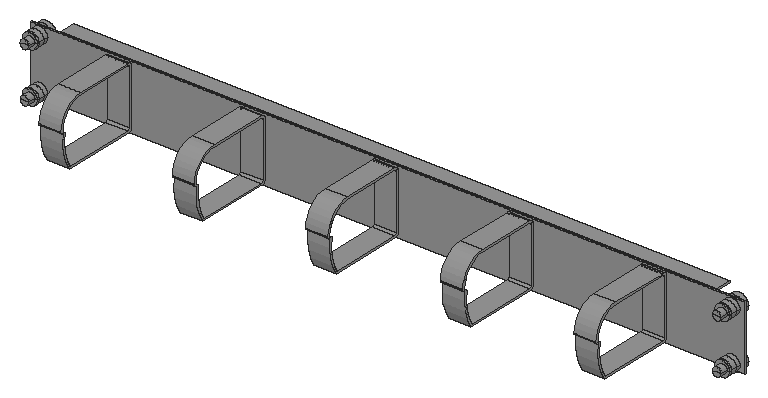
Revit family "ITK by ZPAS__Органайзер кабельный металлический 19", category Обобщенные модели, Revit 2019
Family settings
  Может служить основой для арматурных стержней = Нет
  Размер круглого соединителя = Использовать диаметр
  Тип детали = Нормальный
  На основе рабочей плоскости = Нет
  Всегда вертикально = Да
  При загрузке вырезать с полостями = Нет
  Общий = Нет
  Точка расчета площади = Нет
Parameters (values of type "ZP-CO05-1U-M-R")
  Ширина = 482 mm
  Степень защиты = ""
  Материал = Окраска - RAL 9005
  Изготовитель = "ITK"  # constant formula
  Дата изменения = ""
  Глубина = 60 mm
  Высота = 44 mm
  Тип монтажа = ""
  URL = "https://www.iek.ru/"
  KSI_CPr_Строительные изделия = "61.1.04.08"  # constant formula
  KSI_CMa_Строительные материалы = "10.03.02.06"  # constant formula
  IEK_Цена за единицу = 695.64
  IEK_Поиск в таблице имен = ""
  IEK_Описание = "Органайзер имеет четыре прямоугольных выреза для подвода кабелей, защищенных щеточными вводами.\r\nДва крайних кольца могут устанавливаться горизонтально.\r\nМонтажная высота: 1U."
  IEK_URL = "https://www.itk-group.ru/produktsiya/catalog/oborudovanie_telekommunikatsionnoe/kompleksnye_resheniya_dlya_tsod/shkafy_i_aksessuary_dlya_tsod/komplektuyushchie_i_aksessuary_dlya_shkafov_itk_by_zpas/kabelnye_organizatory_itk_by_zpas/itk_by_zpas_organayzer_kabelnyy_metallicheskiy_s_koltsami_19_1u_chernyy"
  ADSK_Примечание = ""
  ADSK_Позиция [instance] = ""
  ADSK_Наименование = "ITK by ZPAS Органайзер мет. с кольцами 19\" 1U черн."
  ADSK_Материал обозначение = ""
  ADSK_Материал наименование = "Листовая сталь"  # constant formula
  ADSK_Масса = 0.38
  ADSK_Марка = "by ZPAS"  # constant formula
  ADSK_Код изделия = "ZP-CO05-1U-M-R"
  ADSK_Завод-изготовитель = "IEK"  # constant formula
  ADSK_Единица измерения = "шт"  # constant formula
  ADSK_Группирование = "I. ЩИТЫ И ПУЛЬТЫ"  # constant formula
  ADSK_Версия семейства = "1.0"  # constant formula
  ADSK_Версия Revit = "2019"  # constant formula
  ADSK_URL страницы изделия = "https://www.itk-group.ru/produktsiya/catalog/oborudovanie_telekommunikatsionnoe/kompleksnye_resheniya_dlya_tsod/shkafy_i_aksessuary_dlya_tsod/komplektuyushchie_i_aksessuary_dlya_shkafov_itk_by_zpas/kabelnye_organizatory_itk_by_zpas/?pagec=50"
Reference planes
  plane 1 "По центру (Вперед/Назад)": y = 0
  plane 2: z = 0
  plane 3 "По центру (Влево/Вправо)": x = 0
  plane 4: x = -241
  plane 5: x = 241
  plane 6: z = 44
  plane 7: y = -60
Forms (mm)
  Extrusion 1, solid, material "Окраска - RAL 9005" <- "Материал", detail levels fine
    sketch origin (0, 0, 0) x (1, 0, 0) y (0, 1, 0)
      loop
        line (-241, 0) -> (-241, -1) -> (241, -1) -> (241, 0) -> (-241, 0)
    from 0 to 44
  Extrusion 2, void
    sketch origin (-2000, -1, 1200) x (-1, 0, 0) y (0, 0, -1)
      loop
        circle (-1766.475, 1161) r 2.967
      loop
        circle (-1766.475, 1195) r 2.967
      loop
        circle (-2233.525, 1161) r 2.967
      loop
        circle (-2233.525, 1195) r 2.967
    from -1 to 0
  Extrusion 3, solid, material "Окраска - RAL 9005" <- "Материал", detail levels fine
    sketch origin (-188, 2000, 1200) x (0, 1, 0) y (0, 0, 1)
      loop
        line (-1989, -1156) -> (-2000, -1156) -> (-2000, -1157) -> (-1989, -1157) -> (-1989, -1156)
      loop
        line (-1989, -1200) -> (-1989, -1199) -> (-2000, -1199) -> (-2000, -1200) -> (-1989, -1200)
    from -33 to 409
  Extrusion 4, solid, material "Окраска - RAL 9005" <- "Материал", detail levels fine
    sketch origin (-241, 2000, 1200) x (0, 1, 0) y (0, 0, 1)
      loop
        arc (-2003.401, -1198.499) -> (-2001.706, -1197.797) -> (-2001.004, -1196.101) r 2.398
        line (-2001.004, -1196.101) -> (-2001.004, -1159.008)
        arc (-2001.004, -1159.008) -> (-2001.705, -1157.316) -> (-2003.396, -1156.616) r 2.392
        line (-2003.396, -1156.616) -> (-2043.195, -1156.616)
        arc (-2043.195, -1156.616) -> (-2055.089, -1161.542) -> (-2060.016, -1173.437) r 16.821
        arc (-2060.016, -1173.437) -> (-2059.539, -1174.021) -> (-2058.989, -1173.506) r 0.516
        arc (-2058.989, -1173.506) -> (-2054.327, -1162.252) -> (-2043.073, -1157.59) r 15.916
        line (-2043.073, -1157.59) -> (-2003.402, -1157.59)
        arc (-2003.402, -1157.59) -> (-2002.409, -1158.002) -> (-2001.998, -1158.995) r 1.405
        line (-2001.998, -1158.995) -> (-2001.998, -1196.1)
        arc (-2001.998, -1196.1) -> (-2002.408, -1197.09) -> (-2003.398, -1197.501) r 1.401
        line (-2003.398, -1197.501) -> (-2052.535, -1197.501)
        arc (-2052.535, -1197.501) -> (-2056.836, -1186.69) -> (-2057.072, -1175.057) r 32.643
        arc (-2057.072, -1175.057) -> (-2057.616, -1174.514) -> (-2058.159, -1175.057) r 0.544
        arc (-2058.159, -1175.057) -> (-2057.8, -1187.272) -> (-2052.975, -1198.499) r 32.643
        line (-2052.975, -1198.499) -> (-2003.401, -1198.499)
    from 53 to 68
  Revolve 5, solid, material "Окраска - RAL 9005", detail levels fine
    sketch origin (0, 29.553, 5) x (0, 1, 0) y (-1, 0, 0)
      loop
        line (-44.803, 236.411) -> (-44.803, 233.525) -> (-26.053, 233.525) -> (-26.053, 239.661) -> (-29.553, 239.661) -> (-29.553, 236.411) -> (-32.003, 236.411) -> (-32.003, 238.643)
        arc (-32.003, 238.643) -> (-33.603, 238.55) -> (-35.203, 238.622) r 15.465
        line (-35.203, 238.622) -> (-39.203, 238.622)
        arc (-39.203, 238.622) -> (-39.704, 238.622) -> (-40.203, 238.583) r 6.422
        line (-40.203, 238.583) -> (-40.203, 236.411) -> (-44.803, 236.411)
      axis (-26.053, 233.525) -> (-44.803, 233.525)
    angle from 0 to 360
  Revolve 6, solid, material "Окраска - RAL 9005", detail levels fine
    sketch origin (0, 30.928, 39) x (0, 1, 0) y (-1, 0, 0)
      loop
        line (-46.178, 236.411) -> (-46.178, 233.525) -> (-27.428, 233.525) -> (-27.428, 239.661) -> (-30.928, 239.661) -> (-30.928, 236.411) -> (-33.378, 236.411) -> (-33.378, 238.643)
        arc (-33.378, 238.643) -> (-34.978, 238.55) -> (-36.578, 238.622) r 15.465
        line (-36.578, 238.622) -> (-40.578, 238.622)
        arc (-40.578, 238.622) -> (-41.079, 238.622) -> (-41.578, 238.583) r 6.422
        line (-41.578, 238.583) -> (-41.578, 236.411) -> (-46.178, 236.411)
      axis (-27.428, 233.525) -> (-46.178, 233.525)
    angle from 0 to 360
  Revolve 7, solid, material "Окраска - RAL 9005", detail levels fine
    sketch origin (467.046, 30.928, 39) x (0, 1, 0) y (-1, 0, 0)
      loop
        line (-46.178, 236.411) -> (-46.178, 233.525) -> (-27.428, 233.525) -> (-27.428, 239.661) -> (-30.928, 239.661) -> (-30.928, 236.411) -> (-33.378, 236.411) -> (-33.378, 238.643)
        arc (-33.378, 238.643) -> (-34.978, 238.55) -> (-36.578, 238.622) r 15.465
        line (-36.578, 238.622) -> (-40.578, 238.622)
        arc (-40.578, 238.622) -> (-41.079, 238.622) -> (-41.578, 238.583) r 6.422
        line (-41.578, 238.583) -> (-41.578, 236.411) -> (-46.178, 236.411)
      axis (-27.428, 233.525) -> (-46.178, 233.525)
    angle from 0 to 360
  Revolve 8, solid, material "Окраска - RAL 9005", detail levels fine
    sketch origin (0, 30.928, 5) x (0, 1, 0) y (-1, 0, 0)
      loop
        line (-46.178, -230.635) -> (-46.178, -233.521) -> (-27.428, -233.521) -> (-27.428, -227.385) -> (-30.928, -227.385) -> (-30.928, -230.635) -> (-33.378, -230.635) -> (-33.378, -228.403)
        arc (-33.378, -228.403) -> (-34.978, -228.497) -> (-36.578, -228.424) r 15.465
        line (-36.578, -228.424) -> (-40.578, -228.424)
        arc (-40.578, -228.424) -> (-41.079, -228.424) -> (-41.578, -228.463) r 6.422
        line (-41.578, -228.463) -> (-41.578, -230.635) -> (-46.178, -230.635)
      axis (-27.428, -233.521) -> (-46.178, -233.521)
    angle from 0 to 360
  Extrusion 9, solid, material "Окраска - RAL 9005" <- "Материал", detail levels fine
    sketch origin (-151, 2000, 1200) x (0, 1, 0) y (0, 0, 1)
      loop
        arc (-2003.401, -1198.499) -> (-2001.706, -1197.797) -> (-2001.004, -1196.101) r 2.398
        line (-2001.004, -1196.101) -> (-2001.004, -1159.008)
        arc (-2001.004, -1159.008) -> (-2001.705, -1157.316) -> (-2003.396, -1156.616) r 2.392
        line (-2003.396, -1156.616) -> (-2043.195, -1156.616)
        arc (-2043.195, -1156.616) -> (-2055.089, -1161.542) -> (-2060.016, -1173.437) r 16.821
        arc (-2060.016, -1173.437) -> (-2059.539, -1174.021) -> (-2058.989, -1173.506) r 0.516
        arc (-2058.989, -1173.506) -> (-2054.327, -1162.252) -> (-2043.073, -1157.59) r 15.916
        line (-2043.073, -1157.59) -> (-2003.402, -1157.59)
        arc (-2003.402, -1157.59) -> (-2002.409, -1158.002) -> (-2001.998, -1158.995) r 1.405
        line (-2001.998, -1158.995) -> (-2001.998, -1196.1)
        arc (-2001.998, -1196.1) -> (-2002.408, -1197.09) -> (-2003.398, -1197.501) r 1.401
        line (-2003.398, -1197.501) -> (-2052.535, -1197.501)
        arc (-2052.535, -1197.501) -> (-2056.836, -1186.69) -> (-2057.072, -1175.057) r 32.643
        arc (-2057.072, -1175.057) -> (-2057.616, -1174.514) -> (-2058.159, -1175.057) r 0.544
        arc (-2058.159, -1175.057) -> (-2057.8, -1187.272) -> (-2052.975, -1198.499) r 32.643
        line (-2052.975, -1198.499) -> (-2003.401, -1198.499)
    from 53 to 68
  Extrusion 10, solid, material "Окраска - RAL 9005" <- "Материал", detail levels fine
    sketch origin (-61, 2000, 1200) x (0, 1, 0) y (0, 0, 1)
      loop
        arc (-2003.401, -1198.499) -> (-2001.706, -1197.797) -> (-2001.004, -1196.101) r 2.398
        line (-2001.004, -1196.101) -> (-2001.004, -1159.008)
        arc (-2001.004, -1159.008) -> (-2001.705, -1157.316) -> (-2003.396, -1156.616) r 2.392
        line (-2003.396, -1156.616) -> (-2043.195, -1156.616)
        arc (-2043.195, -1156.616) -> (-2055.089, -1161.542) -> (-2060.016, -1173.437) r 16.821
        arc (-2060.016, -1173.437) -> (-2059.539, -1174.021) -> (-2058.989, -1173.506) r 0.516
        arc (-2058.989, -1173.506) -> (-2054.327, -1162.252) -> (-2043.073, -1157.59) r 15.916
        line (-2043.073, -1157.59) -> (-2003.402, -1157.59)
        arc (-2003.402, -1157.59) -> (-2002.409, -1158.002) -> (-2001.998, -1158.995) r 1.405
        line (-2001.998, -1158.995) -> (-2001.998, -1196.1)
        arc (-2001.998, -1196.1) -> (-2002.408, -1197.09) -> (-2003.398, -1197.501) r 1.401
        line (-2003.398, -1197.501) -> (-2052.535, -1197.501)
        arc (-2052.535, -1197.501) -> (-2056.836, -1186.69) -> (-2057.072, -1175.057) r 32.643
        arc (-2057.072, -1175.057) -> (-2057.616, -1174.514) -> (-2058.159, -1175.057) r 0.544
        arc (-2058.159, -1175.057) -> (-2057.8, -1187.272) -> (-2052.975, -1198.499) r 32.643
        line (-2052.975, -1198.499) -> (-2003.401, -1198.499)
    from 53 to 68
  Extrusion 11, solid, material "Окраска - RAL 9005" <- "Материал", detail levels fine
    sketch origin (29.897, 2000, 1200) x (0, 1, 0) y (0, 0, 1)
      loop
        arc (-2003.401, -1198.499) -> (-2001.706, -1197.797) -> (-2001.004, -1196.101) r 2.398
        line (-2001.004, -1196.101) -> (-2001.004, -1159.008)
        arc (-2001.004, -1159.008) -> (-2001.705, -1157.316) -> (-2003.396, -1156.616) r 2.392
        line (-2003.396, -1156.616) -> (-2043.195, -1156.616)
        arc (-2043.195, -1156.616) -> (-2055.089, -1161.542) -> (-2060.016, -1173.437) r 16.821
        arc (-2060.016, -1173.437) -> (-2059.539, -1174.021) -> (-2058.989, -1173.506) r 0.516
        arc (-2058.989, -1173.506) -> (-2054.327, -1162.252) -> (-2043.073, -1157.59) r 15.916
        line (-2043.073, -1157.59) -> (-2003.402, -1157.59)
        arc (-2003.402, -1157.59) -> (-2002.409, -1158.002) -> (-2001.998, -1158.995) r 1.405
        line (-2001.998, -1158.995) -> (-2001.998, -1196.1)
        arc (-2001.998, -1196.1) -> (-2002.408, -1197.09) -> (-2003.398, -1197.501) r 1.401
        line (-2003.398, -1197.501) -> (-2052.535, -1197.501)
        arc (-2052.535, -1197.501) -> (-2056.836, -1186.69) -> (-2057.072, -1175.057) r 32.643
        arc (-2057.072, -1175.057) -> (-2057.616, -1174.514) -> (-2058.159, -1175.057) r 0.544
        arc (-2058.159, -1175.057) -> (-2057.8, -1187.272) -> (-2052.975, -1198.499) r 32.643
        line (-2052.975, -1198.499) -> (-2003.401, -1198.499)
    from 53 to 68
  Extrusion 12, solid, material "Окраска - RAL 9005" <- "Материал", detail levels fine
    sketch origin (119.897, 2000, 1200) x (0, 1, 0) y (0, 0, 1)
      loop
        arc (-2003.401, -1198.499) -> (-2001.706, -1197.797) -> (-2001.004, -1196.101) r 2.398
        line (-2001.004, -1196.101) -> (-2001.004, -1159.008)
        arc (-2001.004, -1159.008) -> (-2001.705, -1157.316) -> (-2003.396, -1156.616) r 2.392
        line (-2003.396, -1156.616) -> (-2043.195, -1156.616)
        arc (-2043.195, -1156.616) -> (-2055.089, -1161.542) -> (-2060.016, -1173.437) r 16.821
        arc (-2060.016, -1173.437) -> (-2059.539, -1174.021) -> (-2058.989, -1173.506) r 0.516
        arc (-2058.989, -1173.506) -> (-2054.327, -1162.252) -> (-2043.073, -1157.59) r 15.916
        line (-2043.073, -1157.59) -> (-2003.402, -1157.59)
        arc (-2003.402, -1157.59) -> (-2002.409, -1158.002) -> (-2001.998, -1158.995) r 1.405
        line (-2001.998, -1158.995) -> (-2001.998, -1196.1)
        arc (-2001.998, -1196.1) -> (-2002.408, -1197.09) -> (-2003.398, -1197.501) r 1.401
        line (-2003.398, -1197.501) -> (-2052.535, -1197.501)
        arc (-2052.535, -1197.501) -> (-2056.836, -1186.69) -> (-2057.072, -1175.057) r 32.643
        arc (-2057.072, -1175.057) -> (-2057.616, -1174.514) -> (-2058.159, -1175.057) r 0.544
        arc (-2058.159, -1175.057) -> (-2057.8, -1187.272) -> (-2052.975, -1198.499) r 32.643
        line (-2052.975, -1198.499) -> (-2003.401, -1198.499)
    from 53 to 68
  Extrusion 13, solid, material "Условный материал-отделка", detail levels coarse+medium
    sketch origin (0, 0, 0) x (1, 0, 0) y (0, 1, 0)
      loop
        line (-241, 0) -> (-241, -60) -> (241, -60) -> (241, 0) -> (-241, 0)
    from 0 to 44 <- "Высота"
Cuts and joins
  Extrusion 2 cuts Extrusion 1
Dimensions and locks
  equal spacing: plane 4, plane 3 "По центру (Влево/Вправо)", plane 5
  "Ширина": plane 4 to plane 5
  "Высота": plane 6 to level
  "Глубина": plane 1 "По центру (Вперед/Назад)" to plane 7
  aligned and locked: level to plane 2
  aligned and locked: Revolve 5 sketch curve to Revolve 5 sketch curve
  aligned and locked: Revolve 6 sketch curve to Revolve 6 sketch curve
  aligned and locked: Revolve 7 sketch curve to Revolve 7 sketch curve
  aligned and locked: Revolve 8 sketch curve to Revolve 8 sketch curve
  aligned and locked: Extrusion 13 sketch curve to cut or joined group of Extrusion 1, Extrusion 2  (x2)
  aligned and locked: plane 7 to Extrusion 13 sketch curve
  aligned and locked: Extrusion 13 sketch curve to plane 5
Automatic sketch dimensions
  Extrusion 2 sketch curve to level = 5 mm  (x2)
  Extrusion 2 sketch curve to Extrusion 2 sketch curve = 0 mm  (x2)
  Extrusion 3 sketch curve to level = 0 mm
  Extrusion 3 sketch curve to plane 1 "По центру (Вперед/Назад)" = 11 mm  (x2)
  level to Extrusion 3 sketch curve = 1 mm
  Extrusion 3 sketch curve to Extrusion 3 sketch curve = 1 mm
  Extrusion 4 sketch curve to Extrusion 4 sketch curve = 1.889 mm
  level to Extrusion 4 sketch curve = 1.501 mm
  Extrusion 4 sketch curve to Extrusion 4 sketch curve = 4.641 mm
  Extrusion 4 sketch curve to Extrusion 4 sketch curve = 0.439 mm
  Extrusion 4 sketch curve to Extrusion 4 sketch curve = 14.421 mm
  Extrusion 4 sketch curve to Extrusion 4 sketch curve = 0.122 mm
  Extrusion 4 sketch curve to Extrusion 4 sketch curve = 17.146 mm
  Extrusion 4 sketch curve to Extrusion 4 sketch curve = 1.087 mm
  Extrusion 4 sketch curve to Extrusion 4 sketch curve = 0.003 mm
  Extrusion 4 sketch curve to Extrusion 4 sketch curve = 0.006 mm
  Extrusion 4 sketch curve to Extrusion 4 sketch curve = 1.399 mm
  Extrusion 4 sketch curve to Extrusion 4 sketch curve = 0.994 mm
  Extrusion 4 sketch curve to Extrusion 4 sketch curve = 0.998 mm
  Extrusion 4 sketch curve to Extrusion 4 sketch curve = 6.716 mm
  Extrusion 4 sketch curve to Extrusion 4 sketch curve = 0 mm
  Extrusion 4 sketch curve to Extrusion 4 sketch curve = 0.069 mm
  Extrusion 4 sketch curve to Extrusion 4 sketch curve = 0.013 mm
  Revolve 5 sketch curve to Revolve 5 sketch curve = 4.6 mm
  Revolve 5 sketch curve to Revolve 5 sketch curve = 0.75 mm
  Revolve 5 sketch curve to Revolve 5 sketch curve = 1 mm
  Revolve 5 sketch curve to Revolve 5 sketch curve = 4 mm
  Revolve 5 sketch curve to Revolve 5 sketch curve = 1.32 mm
  Revolve 5 sketch curve to Revolve 5 sketch curve = 4.206 mm
  Revolve 5 sketch curve to Revolve 5 sketch curve = 2.886 mm
  Revolve 5 sketch curve to Revolve 5 sketch curve = 2.172 mm
  Revolve 5 sketch curve to Revolve 5 sketch curve = 2.232 mm
  Revolve 5 sketch curve to Revolve 5 sketch curve = 1.018 mm
  Revolve 5 sketch curve to Revolve 5 sketch curve = 0 mm  (x2)
  Revolve 6 sketch curve to Revolve 6 sketch curve = 4.6 mm
  Revolve 6 sketch curve to Revolve 6 sketch curve = 0.75 mm
  Revolve 6 sketch curve to Revolve 6 sketch curve = 1 mm
  Revolve 6 sketch curve to Revolve 6 sketch curve = 4 mm
  Revolve 6 sketch curve to Revolve 6 sketch curve = 1.32 mm
  Revolve 6 sketch curve to Revolve 6 sketch curve = 4.206 mm
  Revolve 6 sketch curve to Revolve 6 sketch curve = 2.886 mm
  Revolve 6 sketch curve to Revolve 6 sketch curve = 2.172 mm
  Revolve 6 sketch curve to Revolve 6 sketch curve = 2.232 mm
  Revolve 6 sketch curve to Revolve 6 sketch curve = 1.018 mm
  Revolve 6 sketch curve to Revolve 6 sketch curve = 0 mm  (x2)
  Revolve 7 sketch curve to Revolve 7 sketch curve = 4.6 mm
  Revolve 7 sketch curve to Revolve 7 sketch curve = 0.75 mm
  Revolve 7 sketch curve to Revolve 7 sketch curve = 1 mm
  Revolve 7 sketch curve to Revolve 7 sketch curve = 4 mm
  Revolve 7 sketch curve to Revolve 7 sketch curve = 1.32 mm
  Revolve 7 sketch curve to Revolve 7 sketch curve = 4.206 mm
  Revolve 7 sketch curve to Revolve 7 sketch curve = 2.886 mm
  Revolve 7 sketch curve to Revolve 7 sketch curve = 2.172 mm
  Revolve 7 sketch curve to Revolve 7 sketch curve = 2.232 mm
  Revolve 7 sketch curve to Revolve 7 sketch curve = 1.018 mm
  Revolve 7 sketch curve to Revolve 7 sketch curve = 0 mm  (x2)
  Revolve 8 sketch curve to Revolve 8 sketch curve = 4.6 mm
  Revolve 8 sketch curve to Revolve 8 sketch curve = 0.75 mm
  Revolve 8 sketch curve to Revolve 8 sketch curve = 1 mm
  Revolve 8 sketch curve to Revolve 8 sketch curve = 4 mm
  Revolve 8 sketch curve to Revolve 8 sketch curve = 1.32 mm
  Revolve 8 sketch curve to Revolve 8 sketch curve = 4.206 mm
  Revolve 8 sketch curve to Revolve 8 sketch curve = 2.886 mm
  Revolve 8 sketch curve to Revolve 8 sketch curve = 2.172 mm
  Revolve 8 sketch curve to Revolve 8 sketch curve = 2.232 mm
  Revolve 8 sketch curve to Revolve 8 sketch curve = 1.018 mm
  Revolve 8 sketch curve to Revolve 8 sketch curve = 0 mm  (x2)
  Extrusion 9 sketch curve to Extrusion 9 sketch curve = 1.889 mm
  level to Extrusion 9 sketch curve = 1.501 mm
  Extrusion 9 sketch curve to Extrusion 9 sketch curve = 4.641 mm
  Extrusion 9 sketch curve to Extrusion 9 sketch curve = 0.439 mm
  Extrusion 9 sketch curve to Extrusion 9 sketch curve = 14.421 mm
  Extrusion 9 sketch curve to Extrusion 9 sketch curve = 0.122 mm
  Extrusion 9 sketch curve to Extrusion 9 sketch curve = 17.146 mm
  Extrusion 9 sketch curve to Extrusion 9 sketch curve = 1.087 mm
  Extrusion 9 sketch curve to Extrusion 9 sketch curve = 0.003 mm
  Extrusion 9 sketch curve to Extrusion 9 sketch curve = 0.006 mm
  Extrusion 9 sketch curve to Extrusion 9 sketch curve = 1.399 mm
  Extrusion 9 sketch curve to Extrusion 9 sketch curve = 0.994 mm
  Extrusion 9 sketch curve to Extrusion 9 sketch curve = 0.998 mm
  Extrusion 9 sketch curve to Extrusion 9 sketch curve = 6.716 mm
  Extrusion 9 sketch curve to Extrusion 9 sketch curve = 0 mm
  Extrusion 9 sketch curve to Extrusion 9 sketch curve = 0.069 mm
  Extrusion 9 sketch curve to Extrusion 9 sketch curve = 0.013 mm
  Extrusion 10 sketch curve to Extrusion 10 sketch curve = 1.889 mm
  level to Extrusion 10 sketch curve = 1.501 mm
  Extrusion 10 sketch curve to Extrusion 10 sketch curve = 4.641 mm
  Extrusion 10 sketch curve to Extrusion 10 sketch curve = 0.439 mm
  Extrusion 10 sketch curve to Extrusion 10 sketch curve = 14.421 mm
  Extrusion 10 sketch curve to Extrusion 10 sketch curve = 0.122 mm
  Extrusion 10 sketch curve to Extrusion 10 sketch curve = 17.146 mm
  Extrusion 10 sketch curve to Extrusion 10 sketch curve = 1.087 mm
  Extrusion 10 sketch curve to Extrusion 10 sketch curve = 0.003 mm
  Extrusion 10 sketch curve to Extrusion 10 sketch curve = 0.006 mm
  Extrusion 10 sketch curve to Extrusion 10 sketch curve = 1.399 mm
  Extrusion 10 sketch curve to Extrusion 10 sketch curve = 0.994 mm
  Extrusion 10 sketch curve to Extrusion 10 sketch curve = 0.998 mm
  Extrusion 10 sketch curve to Extrusion 10 sketch curve = 6.716 mm
  Extrusion 10 sketch curve to Extrusion 10 sketch curve = 0 mm
  Extrusion 10 sketch curve to Extrusion 10 sketch curve = 0.069 mm
  Extrusion 10 sketch curve to Extrusion 10 sketch curve = 0.013 mm
  Extrusion 11 sketch curve to Extrusion 11 sketch curve = 1.889 mm
  level to Extrusion 11 sketch curve = 1.501 mm
  Extrusion 11 sketch curve to Extrusion 11 sketch curve = 4.641 mm
  Extrusion 11 sketch curve to Extrusion 11 sketch curve = 0.439 mm
  Extrusion 11 sketch curve to Extrusion 11 sketch curve = 14.421 mm
  Extrusion 11 sketch curve to Extrusion 11 sketch curve = 0.122 mm
  Extrusion 11 sketch curve to Extrusion 11 sketch curve = 17.146 mm
  Extrusion 11 sketch curve to Extrusion 11 sketch curve = 1.087 mm
  Extrusion 11 sketch curve to Extrusion 11 sketch curve = 0.003 mm
  Extrusion 11 sketch curve to Extrusion 11 sketch curve = 0.006 mm
  Extrusion 11 sketch curve to Extrusion 11 sketch curve = 1.399 mm
  Extrusion 11 sketch curve to Extrusion 11 sketch curve = 0.994 mm
  Extrusion 11 sketch curve to Extrusion 11 sketch curve = 0.998 mm
  Extrusion 11 sketch curve to Extrusion 11 sketch curve = 6.716 mm
  Extrusion 11 sketch curve to Extrusion 11 sketch curve = 0 mm
  Extrusion 11 sketch curve to Extrusion 11 sketch curve = 0.069 mm
  Extrusion 11 sketch curve to Extrusion 11 sketch curve = 0.013 mm
  Extrusion 12 sketch curve to Extrusion 12 sketch curve = 1.889 mm
  level to Extrusion 12 sketch curve = 1.501 mm
  Extrusion 12 sketch curve to Extrusion 12 sketch curve = 4.641 mm
  Extrusion 12 sketch curve to Extrusion 12 sketch curve = 0.439 mm
  Extrusion 12 sketch curve to Extrusion 12 sketch curve = 14.421 mm
  Extrusion 12 sketch curve to Extrusion 12 sketch curve = 0.122 mm
  Extrusion 12 sketch curve to Extrusion 12 sketch curve = 17.146 mm
  Extrusion 12 sketch curve to Extrusion 12 sketch curve = 1.087 mm
  Extrusion 12 sketch curve to Extrusion 12 sketch curve = 0.003 mm
  Extrusion 12 sketch curve to Extrusion 12 sketch curve = 0.006 mm
  Extrusion 12 sketch curve to Extrusion 12 sketch curve = 1.399 mm
  Extrusion 12 sketch curve to Extrusion 12 sketch curve = 0.994 mm
  Extrusion 12 sketch curve to Extrusion 12 sketch curve = 0.998 mm
  Extrusion 12 sketch curve to Extrusion 12 sketch curve = 6.716 mm
  Extrusion 12 sketch curve to Extrusion 12 sketch curve = 0 mm
  Extrusion 12 sketch curve to Extrusion 12 sketch curve = 0.069 mm
  Extrusion 12 sketch curve to Extrusion 12 sketch curve = 0.013 mm
  plane 1 "По центру (Вперед/Назад)" to Extrusion 1 sketch curve = 1 mm
  Extrusion 1 sketch curve to Extrusion 1 sketch curve = 1 mm
  plane 1 "По центру (Вперед/Назад)" to Extrusion 3 sketch curve = 0 mm  (x2)
  plane 1 "По центру (Вперед/Назад)" to Extrusion 4 sketch curve = 59.505 mm
  plane 1 "По центру (Вперед/Назад)" to Extrusion 4 sketch curve = 3.402 mm
  Extrusion 4 sketch curve to Extrusion 4 sketch curve = 1.404 mm
  plane 1 "По центру (Вперед/Назад)" to Revolve 5 sketch curve = 15.25 mm
  plane 1 "По центру (Вперед/Назад)" to Revolve 5 sketch curve = 4.15 mm
  Revolve 5 sketch curve to Revolve 5 sketch curve = 3.2 mm
  Revolve 5 sketch curve to Revolve 5 sketch curve = 2.45 mm
  Revolve 5 sketch curve to Revolve 5 sketch curve = 3.5 mm
  plane 1 "По центру (Вперед/Назад)" to Revolve 6 sketch curve = 15.25 mm
  plane 1 "По центру (Вперед/Назад)" to Revolve 6 sketch curve = 4.15 mm
  Revolve 6 sketch curve to Revolve 6 sketch curve = 3.2 mm
  Revolve 6 sketch curve to Revolve 6 sketch curve = 2.45 mm
  Revolve 6 sketch curve to Revolve 6 sketch curve = 3.5 mm
  plane 1 "По центру (Вперед/Назад)" to Revolve 7 sketch curve = 15.25 mm
  plane 1 "По центру (Вперед/Назад)" to Revolve 7 sketch curve = 4.15 mm
  Revolve 7 sketch curve to Revolve 7 sketch curve = 3.2 mm
  Revolve 7 sketch curve to Revolve 7 sketch curve = 2.45 mm
  Revolve 7 sketch curve to Revolve 7 sketch curve = 3.5 mm
  plane 1 "По центру (Вперед/Назад)" to Revolve 8 sketch curve = 15.25 mm
  plane 1 "По центру (Вперед/Назад)" to Revolve 8 sketch curve = 4.15 mm
  Revolve 8 sketch curve to Revolve 8 sketch curve = 3.2 mm
  Revolve 8 sketch curve to Revolve 8 sketch curve = 2.45 mm
  Revolve 8 sketch curve to Revolve 8 sketch curve = 3.5 mm
  plane 1 "По центру (Вперед/Назад)" to Extrusion 9 sketch curve = 59.505 mm
  plane 1 "По центру (Вперед/Назад)" to Extrusion 9 sketch curve = 3.402 mm
  Extrusion 9 sketch curve to Extrusion 9 sketch curve = 1.404 mm
  plane 1 "По центру (Вперед/Назад)" to Extrusion 10 sketch curve = 59.505 mm
  plane 1 "По центру (Вперед/Назад)" to Extrusion 10 sketch curve = 3.402 mm
  Extrusion 10 sketch curve to Extrusion 10 sketch curve = 1.404 mm
  plane 1 "По центру (Вперед/Назад)" to Extrusion 11 sketch curve = 59.505 mm
  plane 1 "По центру (Вперед/Назад)" to Extrusion 11 sketch curve = 3.402 mm
  Extrusion 11 sketch curve to Extrusion 11 sketch curve = 1.404 mm
  plane 1 "По центру (Вперед/Назад)" to Extrusion 12 sketch curve = 59.505 mm
  plane 1 "По центру (Вперед/Назад)" to Extrusion 12 sketch curve = 3.402 mm
  Extrusion 12 sketch curve to Extrusion 12 sketch curve = 1.404 mm
  Extrusion 2 sketch curve to Extrusion 2 sketch curve = 34 mm  (x2)
  Extrusion 3 sketch curve to Extrusion 3 sketch curve = 42 mm
  level to Extrusion 4 sketch curve = 19.778 mm
  Extrusion 4 sketch curve to Extrusion 4 sketch curve = 21.214 mm
  level to Extrusion 9 sketch curve = 19.778 mm
  Extrusion 9 sketch curve to Extrusion 9 sketch curve = 21.214 mm
  level to Extrusion 10 sketch curve = 19.778 mm
  Extrusion 10 sketch curve to Extrusion 10 sketch curve = 21.214 mm
  level to Extrusion 11 sketch curve = 19.778 mm
  Extrusion 11 sketch curve to Extrusion 11 sketch curve = 21.214 mm
  level to Extrusion 12 sketch curve = 19.778 mm
  Extrusion 12 sketch curve to Extrusion 12 sketch curve = 21.214 mm
  Extrusion 1 sketch curve to plane 3 "По центру (Влево/Вправо)" = 241 mm
  plane 3 "По центру (Влево/Вправо)" to Extrusion 2 sketch curve = 233.525 mm
  Revolve 5 sketch curve to plane 3 "По центру (Влево/Вправо)" = 232.205 mm
  Revolve 6 sketch curve to plane 3 "По центру (Влево/Вправо)" = 232.205 mm
  plane 3 "По центру (Влево/Вправо)" to Extrusion 1 sketch curve = 241 mm
  Extrusion 2 sketch curve to plane 3 "По центру (Влево/Вправо)" = 233.525 mm
  plane 3 "По центру (Влево/Вправо)" to Revolve 7 sketch curve = 234.841 mm
  plane 3 "По центру (Влево/Вправо)" to Revolve 8 sketch curve = 234.841 mm
  radius of Extrusion 2 sketch curve = 2.967 mm  (x4)
